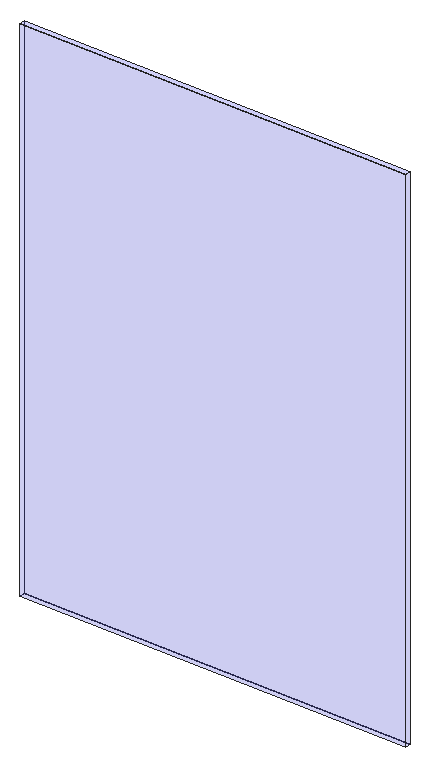
Revit family "АВЛН_Панель витража_глухая", category Панели витража, Revit 2019
Family settings
  Номер OmniClass = 23.25.20.14.11.11.17
  Заголовок OmniClass = Infill Panels
  Всегда вертикально = Да
  При загрузке вырезать с полостями = Нет
  Общий = Нет
Parameters (values of type "Правая откидная")
  Материал остекления = none
Types (6): name
  (no name)
  Откидная
  Правая
  Левая
  Правая откидная
  Левая откидная
Reference planes
  plane 1 "По центру (Вперед/Назад)": y = 0
  plane 2: z = 0
  plane 3 "По центру (Влево/Вправо)": x = 0
  plane 4 "Слева": x = -1500
  plane 5 "Справа": x = 1500
  plane 6 "Верх": z = 4000
  plane 7: z = 2000
Forms (mm)
  Extrusion 1, solid, material <- "Материал остекления"
    sketch origin (0, 0, 0) x (1, 0, 0) y (0, 0, 1)
      loop
        line (-1500, 4000) -> (-1500, 0) -> (1500, 0) -> (1500, 4000) -> (-1500, 4000)
    from -50 to 0
Lines and regions (mm)
  model lines, style "УГО_Фасад"
    curve 1: line (0, 50, 2125) -> (0, 50, 1875)
    curve 2: line (-125, 50, 2000) -> (125, 50, 2000)
    curve 3: line (-125, 0, 2000) -> (125, 0, 2000)
    curve 4: line (0, 0, 1875) -> (0, 0, 2125)
Text (mm)
  text "Наружный" at (-2453.84, 1416.179, 0), in view "Опорный уровень"
  text "Наружный" at (0, 2290.741, 4406.713), in view "Слева"
  text "Наружный" at (0, 1100.051, 4120.349), in view "Справа"
Dimensions and locks
  equal spacing: plane 4 "Слева", plane 3 "По центру (Влево/Вправо)", plane 5 "Справа"
  equal spacing: plane 6 "Верх", plane 7, plane 2
  equal spacing: curve 2, plane 3 "По центру (Влево/Вправо)", curve 2
  equal spacing: curve 1, plane 7, curve 1
  locked: curve 1 to curve 1 at 250
  locked: curve 2 to curve 2 at 250
  equal spacing: curve 4, plane 7, curve 4
  equal spacing: curve 3, plane 3 "По центру (Влево/Вправо)", curve 3
  locked: curve 4 to curve 4 at 250
  locked: curve 3 to curve 3 at 250
  aligned and locked: level to plane 2
  aligned and locked: Extrusion 1 sketch curve to plane 6 "Верх"
  aligned and locked: plane 4 "Слева" to Extrusion 1 sketch curve
  aligned and locked: Extrusion 1 sketch curve to plane 5 "Справа"
  aligned and locked: plane 7 to curve 2
  aligned and locked: plane 3 "По центру (Влево/Вправо)" to curve 1
  aligned and locked: curve 3 to plane 7
  aligned and locked: plane 3 "По центру (Влево/Вправо)" to curve 4
Automatic sketch dimensions
  Extrusion 1 sketch curve to level = 0 mm
